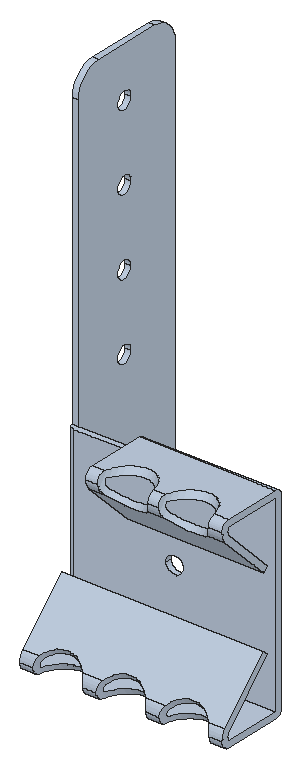
Revit family "MCX", category 機械設備, Revit 2020
Family settings
  丸型コネクタ寸法 = 直径を使用
  パーツ タイプ = 標準
  OmniClass 番号 = 23.75.00.00
  OmniClass タイトル = Climate Control (HVAC)
  作業面ベース = いいえ
  常に垂直 = はい
  ロード時にボイドで切り取り = いいえ
  共有 = いいえ
  部屋計算ポイント = いいえ
Parameters
  ﾋﾞｽ中央 = no
  ﾋﾞｽA = no
  ﾋﾞｽD = no
  ﾋﾞｽC = no
  ﾋﾞｽB = no
  ﾋﾞｽ4 = no
  ﾋﾞｽ3 = no
  ﾋﾞｽ2 = no
  ﾋﾞｽ1 = no
  ﾋﾞｽ ﾏﾃﾘｱﾙ = 電気亜鉛メッキ
  既定の高さ = 0 mm
  MCX ﾏﾃﾘｱﾙ = 溶融亜鉛メッキ
Reference planes
  plane 1 "中心(正面/背面)": y = 0
  plane 2: z = 0
  plane 3 "中心(左/右)": x = 0
Dimensions and locks
  aligned and locked: level to plane 2
Nested families
  nested 1: "MCX曲" at (0, 0, 0), MCｸﾛｽ ﾏﾃﾘｱﾙ <- "MCX ﾏﾃﾘｱﾙ", type "MCｸﾛｽ"
    with MCｸﾛｽ ﾏﾃﾘｱﾙ 溶融亜鉛メッキ
  nested 2: "MCXﾋﾞｽ" at (0, 0, 0), type "MCXﾋﾞｽ"
Definition of nested family "MCX曲"
  Parameters (values of type "MCｸﾛｽ")
    Manufacturer = "株式会社サンユー"
    Default Elevation = 0 mm
    URL = "http://www.3you.co.jp"
    MCｸﾛｽ ﾏﾃﾘｱﾙ [instance] = none
  Reference planes
    plane 1 "中心(正面/背面)": y = 0
    plane 2: z = 0
    plane 3 "中心(左/右)": x = 0
  Forms (mm)
    Extrusion 1, solid, material <- "MCｸﾛｽ ﾏﾃﾘｱﾙ"
      sketch origin (0, 6, 0) x (0, -1, 0) y (0, 0, -1)
        loop
          arc (-22.5, -12.298) -> (-24.33, -14.128) -> (-25, -16.628) r 5
          line (-25, -16.628) -> (-25, -93.8)
          arc (-25, -93.8) -> (-23.536, -97.336) -> (-20, -98.8) r 5
          line (-20, -98.8) -> (-6.2, -98.8)
          arc (-6.2, -98.8) -> (-2.664, -97.336) -> (-1.2, -93.8) r 5
          line (-1.2, -93.8) -> (-1.2, 0) -> (-22.5, -12.298)
        loop
          circle (-12.5, -88.8) r 1.75
        loop
          circle (-12.5, -73.8) r 1.75
        loop
          circle (-12.5, -58.8) r 1.75
        loop
          circle (-12.5, -43.8) r 1.75
      from 0 to -1.2
    Extrusion 2, solid, material <- "MCｸﾛｽ ﾏﾃﾘｱﾙ"
      sketch origin (0, 6, 0) x (1, 0, 0) y (0, 0, -1)
        loop
          line (-1.2, 0) -> (-1.2, -36) -> (13, -36) -> (13, -38) -> (40, -38) -> (40, 0) -> (-1.2, 0)
        loop
          circle (20, -19) r 1.75
      from 0 to 1.2
    Extrusion 3, void
      sketch origin (0, -25.639, 2.032) x (1, 0, 0) y (0, -0.816037, -0.578)
        loop
          circle (32.5, -13.2) r 5
        loop
          circle (20, -13.2) r 5
        loop
          circle (7.5, -13.2) r 5
      from 8.89 to 17.447
    Extrusion 4, void
      sketch origin (-0.156, -1.36, 70.423) x (1, 0, 0) y (0, -0.819152, 0.573576)
        loop
          circle (32.5, -13.2) r 5
        loop
          circle (20.5, -13.2) r 5
      from 24.799 to 32.368
    Extrusion 5, void
      sketch origin (0, 0, 0) x (1, 0, 0) y (0, 1, 0)
        loop
          line (-1.2, 7.2) -> (-1.2, 6) -> (0, 6)
          arc (0, 6) -> (-0.849, 6.351) -> (-1.2, 7.2) r 1.2
      from 0 to 36
    Extrusion 6, solid, material <- "MCｸﾛｽ ﾏﾃﾘｱﾙ"
      sketch origin (0, 0.4, 0) x (0, 1, 0) y (0, 0, 1)
        loop
          arc (6.8, 38) -> (6.449, 38.849) -> (5.6, 39.2) r 1.2
          line (5.6, 39.2) -> (-6, 39.2)
          arc (-6, 39.2) -> (-7.202, 38.702) -> (-7.7, 37.5) r 1.7
          arc (-7.7, 37.5) -> (-7.501, 36.442) -> (-6.932, 35.529) r 2.912
          line (-6.932, 35.529) -> (2.62, 25.977) -> (3.469, 26.826) -> (-6.077, 36.372)
          arc (-6.077, 36.372) -> (-6.428, 37.174) -> (-6.14, 38) r 1.199
          line (-6.14, 38) -> (6.8, 38)
      from 40 to 13
    Extrusion 7, solid, material <- "MCｸﾛｽ ﾏﾃﾘｱﾙ"
      sketch origin (0, 0.4, 38) x (0, 1, 0) y (0, 0, 1)
        loop
          line (6.8, -38) -> (-6.14, -38)
          arc (-6.14, -38) -> (-6.428, -37.174) -> (-6.077, -36.372) r 1.199
          line (-6.077, -36.372) -> (3.469, -26.826) -> (2.62, -25.977) -> (-6.932, -35.529)
          arc (-6.932, -35.529) -> (-7.501, -36.442) -> (-7.7, -37.5) r 2.912
          arc (-7.7, -37.5) -> (-7.202, -38.702) -> (-6, -39.2) r 1.7
          line (-6, -39.2) -> (5.6, -39.2)
          arc (5.6, -39.2) -> (6.449, -38.849) -> (6.8, -38) r 1.2
      from 40 to 0
  Cuts and joins
    Extrusion 5 cuts Extrusion 1
    Extrusion 5 cuts Extrusion 2
    Extrusion 4 cuts Extrusion 6
    Extrusion 3 cuts Extrusion 7
    joined: Extrusion 1, Extrusion 2, Extrusion 6, Extrusion 7
  Lines and regions (mm)
    reference lines
      curve 1: line (0, -6.144, 0) -> (0, 4.8, 0)
  Dimensions and locks
    aligned and locked: level to plane 2
